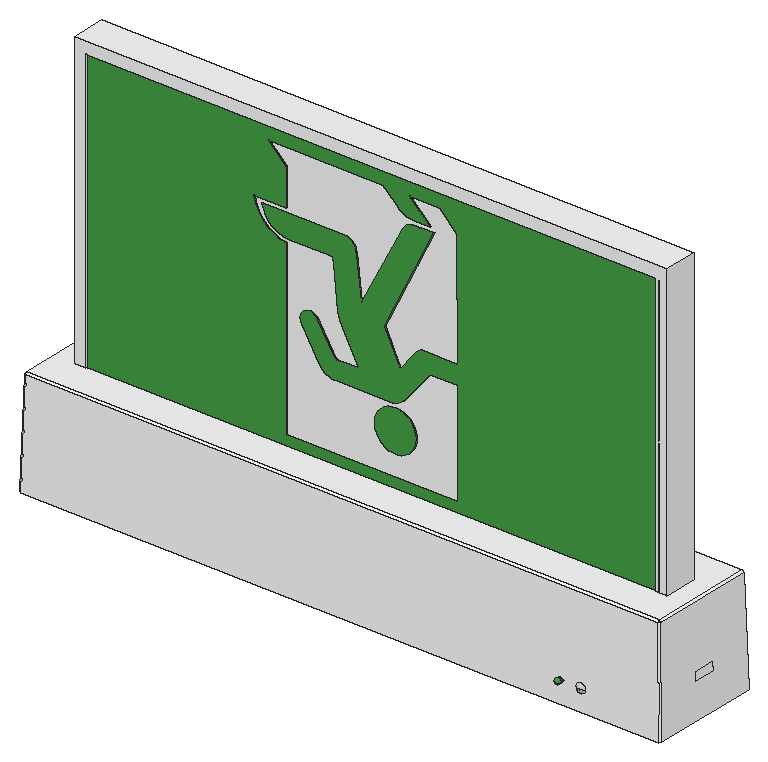
Revit family "GLIDER-SM_AUA03510130001", category Lighting Fixtures, host Face, Revit 2020
Family settings
  Host = Face
  Round Connector Dimension = Use Diameter
  Part Type = Normal
  OmniClass Number = 23.80.70.11.21
  OmniClass Title = Emergency Lighting
  Cut with Voids When Loaded = No
  Light Source = Yes
  Shared = No
  Room Calculation Point = No
Parameters (values of type "Running Man Single")
  Wattage = 9.2903 W
  built-in parameter 1150110 = 1 (stored number, unit not read)
  URL = "https://clevertronics.com.au/"
  built-in parameter 1114217 = 1 (stored number, unit not read)
  Tilt Angle = 180.00°
  built-in parameter 1150109 = 1 (stored number, unit not read)
  built-in parameter 1150134 = 3
  built-in parameter 1150113 = 1 (stored number, unit not read)
  Straight line = yes
  Straight Line (DS) = no
  RM Side (DS) = no
  Product URL = "https://clevertronics.com.au/technical-documentation-search?combine=GLIDER-SM"
  Photometric Web File = "GLIDER-SM_IESA_E_ll24598a_CIE_202305051049.ies"
  built-in parameter 1150142 = "IESNA:LM-63-2002\r\n[TEST] LL24598A\r\n[TESTLAB] LightLab International, Brisbane, Australia. (www.lightlabint.com)\r\n[MANUFAC] Clevertronics Pty. Ltd., 1 Caribbean Drive, Scoresby, VIC 3179.\r\n[LUMCAT] GLIDER-SM\r\n[LUMINAIRE] Clevertronics 24m Surface-mount Emergency LED Exit Sign. Product ID: GLIDER-SM.\r\n[MORE] Moulded body with white finish, extents ~ 340 x 58 x 60 mm deep.\r\n[MORE] Clear ‘blade style’ lens with sing sided “Running Man” pictogram form luminous opening of 315 x 9 x\r\n[MORE] 155 mm deep. One Clevertronics CT10798-D1 PCB wntred ~ 10 mm above top of L/O.\r\n[MORE] One Clevertronics CT10850-L2 PCB 220-240V~ 50Hz electronic inverter.\r\n[MORE] Tested at 3.127 Vdc. For full details refer test report LL2307501T.\r\n[OTHER] Absolute test - lamp lumens value set to -1\r\n[MORE] CIE conventions used for C0 plane alignment.\r\n[MORE] The sample was tested at a distance of 8m.\r\n[MORE] This IES file created by LightLab/LSA Report program version 3.808a.\r\n[DATE] This file created: Thursday, 4 May 2023 4:44:53 PM\r\n[ISSUEDATE] Thursday, 4 May 2023 4:44:53 PM\r\nTILT=NONE\r\n 12 \r\n-1 \r\n 1 \r\n 361 \r\n 17 \r\n 1 \r\n 2 \r\n 0.315 \r\n 0.009 \r\n 0.155 \r\n 1 \r\n 1 \r\n    0.54\r\n   0.000,   0.500,   1.000,   1.500,   2.000,   2.500,   3.000,   3.500\r\n   4.000,   4.500,   5.000,   5.500,   6.000,   6.500,   7.000,   7.500\r\n   8.000,   8.500,   9.000,   9.500,  10.000,  10.500,  11.000,  11.500\r\n  12.000,  12.500,  13.000,  13.500,  14.000,  14.500,  15.000,  15.500\r\n  16.000,  16.500,  17.000,  17.500,  18.000,  18.500,  19.000,  19.500\r\n  20.000,  20.500,  21.000,  21.500,  22.000,  22.500,  23.000,  23.500\r\n  24.000,  24.500,  25.000,  25.500,  26.000,  26.500,  27.000,  27.500\r\n  28.000,  28.500,  29.000,  29.500,  30.000,  30.500,  31.000,  31.500\r\n  32.000,  32.500,  33.000,  33.500,  34.000,  34.500,  35.000,  35.500\r\n  36.000,  36.500,  37.000,  37.500,  38.000,  38.500,  39.000,  39.500\r\n  40.000,  40.500,  41.000,  41.500,  42.000,  42.500,  43.000,  43.500\r\n  44.000,  44.500,  45.000,  45.500,  46.000,  46.500,  47.000,  47.500\r\n  48.000,  48.500,  49.000,  49.500,  50.000,  50.500,  51.000,  51.500\r\n  52.000,  52.500,  53.000,  53.500,  54.000,  54.500,  55.000,  55.500\r\n  56.000,  56.500,  57.000,  57.500,  58.000,  58.500,  59.000,  59.500\r\n  60.000,  60.500,  61.000,  61.500,  62.000,  62.500,  63.000,  63.500\r\n  64.000,  64.500,  65.000,  65.500,  66.000,  66.500,  67.000,  67.500\r\n  68.000,  68.500,  69.000,  69.500,  70.000,  70.500,  71.000,  71.500\r\n  72.000,  72.500,  73.000,  73.500,  74.000,  74.500,  75.000,  75.500\r\n  76.000,  76.500,  77.000,  77.500,  78.000,  78.500,  79.000,  79.500\r\n  80.000,  80.500,  81.000,  81.500,  82.000,  82.500,  83.000,  83.500\r\n  84.000,  84.500,  85.000,  85.500,  86.000,  86.500,  87.000,  87.500\r\n  88.000,  88.500,  89.000,  89.500,  90.000,  90.500,  91.000,  91.500\r\n  92.000,  92.500,  93.000,  93.500,  94.000,  94.500,  95.000,  95.500\r\n  96.000,  96.500,  97.000,  97.500,  98.000,  98.500,  99.000,  99.500\r\n 100.000, 100.500, 101.000, 101.500, 102.000, 102.500, 103.000, 103.500\r\n 104.000, 104.500, 105.000, 105.500, 106.000, 106.500, 107.000, 107.500\r\n 108.000, 108.500, 109.000, 109.500, 110.000, 110.500, 111.000, 111.500\r\n 112.000, 112.500, 113.000, 113.500, 114.000, 114.500, 115.000, 115.500\r\n 116.000, 116.500, 117.000, 117.500, 118.000, 118.500, 119.000, 119.500\r\n 120.000, 120.500, 121.000, 121.500, 122.000, 122.500, 123.000, 123.500\r\n 124.000, 124.500, 125.000, 125.500, 126.000, 126.500, 127.000, 127.500\r\n 128.000, 128.500, 129.000, 129.500, 130.000, 130.500, 131.000, 131.500\r\n 132.000, 132.500, 133.000, 133.500, 134.000, 134.500, 135.000, 135.500\r\n 136.000, 136.500, 137.000, 137.500, 138.000, 138.500, 139.000, 139.500\r\n 140.000, 140.500, 141.000, 141.500, 142.000, 142.500, 143.000, 143.500\r\n 144.000, 144.500, 145.000, 145.500, 146.000, 146.500, 147.000, 147.500\r\n 148.000, 148.500, 149.000, 149.500, 150.000, 150.500, 151.000, 151.500\r\n 152.000, 152.500, 153.000, 153.500, 154.000, 154.500, 155.000, 155.500\r\n 156.000, 156.500, 157.000, 157.500, 158.000, 158.500, 159.000, 159.500\r\n 160.000, 160.500, 161.000, 161.500, 162.000, 162.500, 163.000, 163.500\r\n 164.000, 164.500, 165.000, 165.500, 166.000, 166.500, 167.000, 167.500\r\n 168.000, 168.500, 169.000, 169.500, 170.000, 170.500, 171.000, 171.500\r\n 172.000, 172.500, 173.000, 173.500, 174.000, 174.500, 175.000, 175.500\r\n 176.000, 176.500, 177.000, 177.500, 178.000, 178.500, 179.000, 179.500\r\n 180.000\r\n   0.000,  22.500,  45.000,  67.500,  90.000, 112.500, 135.000, 157.500\r\n 180.000, 202.500, 225.000, 247.500, 270.000, 292.500, 315.000, 337.500\r\n 360.000\r\n   5.761,   5.714,   5.763,   5.777,   5.803,   5.798,   5.825,   5.831\r\n   5.829,   5.853,   5.839,   5.858,   5.839,   5.844,   5.875,   5.878\r\n   5.865,   5.900,   5.870,   5.881,   5.892,   5.884,   5.883,   5.883\r\n   5.887,   5.887,   5.875,   5.845,   5.869,   5.824,   5.798,   5.776\r\n   5.746,   5.733,   5.721,   5.696,   5.644,   5.621,   5.569,   5.551\r\n   5.532,   5.515,   5.494,   5.461,   5.420,   5.434,   5.376,   5.331\r\n   5.307,   5.292,   5.269,   5.246,   5.235,   5.205,   5.201,   5.197\r\n   5.157,   5.137,   5.128,   5.085,   5.061,   5.086,   5.066,   5.014\r\n   4.976,   4.987,   4.951,   4.945,   4.931,   4.917,   4.865,   4.843\r\n   4.826,   4.818,   4.774,   4.744,   4.714,   4.697,   4.654,   4.620\r\n   4.572,   4.538,   4.493,   4.447,   4.409,   4.372,   4.319,   4.276\r\n   4.200,   4.133,   4.096,   4.071,   3.988,   3.926,   3.876,   3.822\r\n   3.760,   3.708,   3.659,   3.594,   3.566,   3.500,   3.442,   3.404\r\n   3.332,   3.283,   3.261,   3.205,   3.161,   3.129,   3.061,   3.027\r\n   2.981,   2.948,   2.908,   2.864,   2.815,   2.788,   2.740,   2.717\r\n   2.678,   2.644,   2.604,   2.572,   2.551,   2.502,   2.479,   2.446\r\n   2.412,   2.387,   2.355,   2.319,   2.302,   2.260,   2.235,   2.221\r\n   2.201,   2.164,   2.149,   2.130,   2.100,   2.088,   2.075,   2.033\r\n   2.025,   2.012,   1.988,   1.969,   1.948,   1.917,   1.901,   1.904\r\n   1.879,   1.851,   1.842,   1.823,   1.814,   1.806,   1.784,   1.781\r\n   1.758,   1.752,   1.741,   1.728,   1.719,   1.706,   1.690,   1.690\r\n   1.677,   1.671,   1.662,   1.654,   1.643,   1.642,   1.633,   1.624\r\n   1.621,   1.614,   1.600,   1.591,   1.585,   1.592,   1.588,   1.587\r\n   1.572,   1.577,   1.579,   1.567,   1.567,   1.564,   1.564,   1.563\r\n   1.565,   1.560,   1.556,   1.549,   1.547,   1.541,   1.541,   1.533\r\n   1.533,   1.531,   1.530,   1.522,   1.523,   1.507,   1.512,   1.508\r\n   1.503,   1.500,   1.489,   1.481,   1.480,   1.479,   1.473,   1.467\r\n   1.457,   1.450,   1.439,   1.440,   1.434,   1.423,   1.416,   1.410\r\n   1.406,   1.398,   1.390,   1.378,   1.374,   1.368,   1.357,   1.353\r\n   1.344,   1.332,   1.322,   1.308,   1.302,   1.289,   1.283,   1.274\r\n   1.268,   1.255,   1.248,   1.233,   1.221,   1.212,   1.201,   1.191\r\n   1.184,   1.164,   1.156,   1.140,   1.132,   1.119,   1.109,   1.096\r\n   1.083,   1.070,   1.058,   1.043,   1.037,   1.019,   1.010,   0.997\r\n   0.981,   0.975,   0.959,   0.947,   0.936,   0.918,   0.910,   0.901\r\n   0.887,   0.880,   0.861,   0.843,   0.833,   0.825,   0.807,   0.794\r\n   0.787,   0.772,   0.760,   0.749,   0.739,   0.722,   0.711,   0.702\r\n   0.687,   0.669,   0.658,   0.645,   0.633,   0.622,   0.608,   0.590\r\n   0.580,   0.566,   0.550,   0.538,   0.527,   0.516,   0.499,   0.483\r\n   0.471,   0.460,   0.448,   0.434,   0.421,   0.410,   0.398,   0.385\r\n   0.378,   0.365,   0.350,   0.340,   0.329,   0.316,   0.307,   0.297\r\n   0.286,   0.277,   0.262,   0.250,   0.238,   0.225,   0.207,   0.187\r\n   0.171,   0.152,   0.138,   0.128,   0.119,   0.107,   0.100,   0.081\r\n   0.070,   0.057,   0.045,   0.033,   0.022,   0.012,   0.010,   0.009\r\n   0.008,   0.008,   0.010,   0.011,   0.009,   0.010,   0.010,   0.009\r\n   0.010,   0.008,   0.010,   0.009,   0.007,   0.009,   0.009,   0.010\r\n   0.009\r\n   5.761,   5.748,   5.755,   5.779,   5.782,   5.834,   5.816,   5.800\r\n   5.840,   5.826,   5.854,   5.843,   5.866,   5.876,   5.862,   5.889\r\n   5.888,   5.870,   5.889,   5.887,   5.902,   5.880,   5.863,   5.887\r\n   5.845,   5.881,   5.874,   5.873,   5.828,   5.864,   5.849,   5.794\r\n   5.781,   5.744,   5.728,   5.730,   5.681,   5.679,   5.613,   5.627\r\n   5.591,   5.562,   5.553,   5.495,   5.480,   5.462,   5.413,   5.390\r\n   5.378,   5.355,   5.313,   5.285,   5.265,   5.244,   5.229,   5.188\r\n   5.184,   5.168,   5.121,   5.117,   5.104,   5.073,   5.039,   5.042\r\n   5.012,   4.990,   4.973,   4.963,   4.963,   4.919,   4.898,   4.870\r\n   4.846,   4.837,   4.823,   4.810,   4.772,   4.739,   4.712,   4.687\r\n   4.663,   4.623,   4.572,   4.551,   4.522,   4.491,   4.419,   4.387\r\n   4.346,   4.292,   4.272,   4.206,   4.142,   4.104,   4.058,   3.971\r\n   3.937,   3.883,   3.818,   3.753,   3.715,   3.661,   3.601,   3.552\r\n   3.500,   3.436,   3.413,   3.363,   3.309,   3.248,   3.207,   3.145\r\n   3.096,   3.057,   3.016,   2.965,   2.918,   2.873,   2.850,   2.805\r\n   2.765,   2.728,   2.696,   2.668,   2.613,   2.594,   2.564,   2.535\r\n   2.489,   2.453,   2.427,   2.388,   2.367,   2.327,   2.304,   2.272\r\n   2.242,   2.209,   2.184,   2.166,   2.123,   2.113,   2.087,   2.067\r\n   2.039,   2.024,   2.002,   1.981,   1.959,   1.949,   1.922,   1.895\r\n   1.887,   1.862,   1.850,   1.833,   1.809,   1.798,   1.790,   1.768\r\n   1.758,   1.738,   1.721,   1.708,   1.705,   1.688,   1.679,   1.664\r\n   1.652,   1.648,   1.631,   1.623,   1.607,   1.604,   1.592,   1.592\r\n   1.578,   1.581,   1.572,   1.556,   1.561,   1.551,   1.550,   1.542\r\n   1.540,   1.534,   1.536,   1.525,   1.533,   1.531,   1.524,   1.525\r\n   1.515,   1.520,   1.515,   1.508,   1.508,   1.504,   1.503,   1.492\r\n   1.493,   1.495,   1.486,   1.476,   1.473,   1.476,   1.465,   1.464\r\n   1.458,   1.455,   1.444,   1.443,   1.435,   1.437,   1.422,   1.424\r\n   1.416,   1.414,   1.401,   1.398,   1.396,   1.389,   1.381,   1.374\r\n   1.365,   1.364,   1.347,   1.346,   1.340,   1.324,   1.316,   1.315\r\n   1.302,   1.292,   1.281,   1.273,   1.260,   1.248,   1.251,   1.239\r\n   1.228,   1.212,   1.202,   1.198,   1.184,   1.178,   1.163,   1.149\r\n   1.142,   1.128,   1.121,   1.108,   1.097,   1.088,   1.073,   1.061\r\n   1.049,   1.033,   1.024,   1.016,   1.005,   0.992,   0.976,   0.965\r\n   0.953,   0.944,   0.932,   0.917,   0.907,   0.894,   0.881,   0.874\r\n   0.859,   0.847,   0.840,   0.823,   0.814,   0.801,   0.787,   0.770\r\n   0.763,   0.748,   0.737,   0.720,   0.708,   0.699,   0.685,   0.669\r\n   0.658,   0.646,   0.632,   0.621,   0.608,   0.594,   0.580,   0.563\r\n   0.555,   0.542,   0.530,   0.514,   0.499,   0.485,   0.475,   0.462\r\n   0.450,   0.437,   0.423,   0.411,   0.399,   0.390,   0.378,   0.366\r\n   0.355,   0.340,   0.330,   0.319,   0.307,   0.297,   0.286,   0.271\r\n   0.255,   0.243,   0.226,   0.207,   0.195,   0.184,   0.170,   0.156\r\n   0.142,   0.128,   0.112,   0.101,   0.090,   0.079,   0.069,   0.059\r\n   0.045,   0.029,   0.022,   0.013,   0.011,   0.011,   0.009,   0.009\r\n   0.010,   0.009,   0.008,   0.010,   0.008,   0.010,   0.009,   0.009\r\n   0.008,   0.011,   0.009,   0.009,   0.010,   0.008,   0.009,   0.009\r\n   0.009\r\n   5.761,   5.735,   5.775,   5.797,   5.784,   5.814,   5.801,   5.847\r\n   5.849,   5.852,   5.823,   5.829,   5.872,   5.848,   5.851,   5.857\r\n   5.850,   5.842,   5.857,   5.862,   5.854,   5.859,   5.831,   5.851\r\n   5.856,   5.827,   5.831,   5.820,   5.829,   5.838,   5.788,   5.797\r\n   5.798,   5.787,   5.797,   5.785,   5.775,   5.757,   5.725,   5.710\r\n   5.683,   5.618,   5.631,   5.593,   5.556,   5.527,   5.513,   5.496\r\n   5.462,   5.456,   5.420,   5.363,   5.337,   5.318,   5.276,   5.238\r\n   5.222,   5.196,   5.139,   5.149,   5.090,   5.064,   5.052,   5.011\r\n   4.988,   4.948,   4.914,   4.906,   4.861,   4.837,   4.834,   4.805\r\n   4.741,   4.721,   4.728,   4.701,   4.636,   4.660,   4.612,   4.592\r\n   4.566,   4.557,   4.519,   4.497,   4.467,   4.433,   4.426,   4.394\r\n   4.375,   4.375,   4.327,   4.286,   4.268,   4.254,   4.178,   4.158\r\n   4.140,   4.080,   4.023,   4.001,   3.952,   3.911,   3.857,   3.806\r\n   3.753,   3.692,   3.647,   3.596,   3.529,   3.472,   3.443,   3.362\r\n   3.299,   3.269,   3.211,   3.168,   3.125,   3.066,   3.012,   2.982\r\n   2.921,   2.873,   2.840,   2.796,   2.751,   2.717,   2.679,   2.645\r\n   2.603,   2.571,   2.532,   2.475,   2.458,   2.412,   2.379,   2.348\r\n   2.312,   2.282,   2.245,   2.206,   2.171,   2.141,   2.114,   2.075\r\n   2.047,   2.029,   1.989,   1.962,   1.941,   1.905,   1.891,   1.859\r\n   1.836,   1.811,   1.793,   1.773,   1.761,   1.722,   1.704,   1.692\r\n   1.669,   1.661,   1.638,   1.615,   1.609,   1.596,   1.585,   1.558\r\n   1.547,   1.538,   1.525,   1.513,   1.501,   1.494,   1.485,   1.472\r\n   1.468,   1.458,   1.452,   1.444,   1.434,   1.426,   1.427,   1.413\r\n   1.415,   1.410,   1.404,   1.401,   1.399,   1.392,   1.392,   1.385\r\n   1.386,   1.379,   1.380,   1.374,   1.368,   1.365,   1.359,   1.358\r\n   1.352,   1.349,   1.345,   1.342,   1.338,   1.338,   1.336,   1.330\r\n   1.321,   1.315,   1.311,   1.310,   1.305,   1.303,   1.293,   1.286\r\n   1.281,   1.272,   1.265,   1.260,   1.247,   1.248,   1.233,   1.221\r\n   1.221,   1.213,   1.200,   1.193,   1.190,   1.179,   1.164,   1.157\r\n   1.146,   1.137,   1.126,   1.120,   1.111,   1.101,   1.097,   1.083\r\n   1.072,   1.065,   1.054,   1.043,   1.030,   1.018,   1.009,   0.996\r\n   0.987,   0.974,   0.962,   0.952,   0.948,   0.931,   0.922,   0.909\r\n   0.901,   0.895,   0.879,   0.868,   0.858,   0.848,   0.837,   0.821\r\n   0.816,   0.803,   0.795,   0.786,   0.770,   0.762,   0.751,   0.737\r\n   0.729,   0.718,   0.707,   0.696,   0.687,   0.673,   0.661,   0.650\r\n   0.644,   0.628,   0.617,   0.607,   0.595,   0.580,   0.572,   0.558\r\n   0.550,   0.540,   0.524,   0.514,   0.502,   0.495,   0.484,   0.474\r\n   0.461,   0.450,   0.436,   0.428,   0.412,   0.401,   0.391,   0.380\r\n   0.365,   0.359,   0.345,   0.335,   0.324,   0.311,   0.300,   0.286\r\n   0.276,   0.260,   0.248,   0.236,   0.224,   0.210,   0.196,   0.182\r\n   0.170,   0.158,   0.143,   0.126,   0.110,   0.100,   0.087,   0.074\r\n   0.060,   0.044,   0.031,   0.026,   0.019,   0.009,   0.009,   0.010\r\n   0.009,   0.009,   0.009,   0.009,   0.008,   0.008,   0.008,   0.009\r\n   0.009,   0.010,   0.009,   0.009,   0.009,   0.009,   0.011,   0.009\r\n   0.007,   0.009,   0.009,   0.010,   0.008,   0.009,   0.009,   0.009\r\n   0.009\r\n   5.761,   5.768,   5.796,   5.797,   5.799,   5.804,   5.815,   5.829\r\n   5.820,   5.793,   5.808,   5.798,   5.805,   5.786,   5.819,   5.790\r\n   5.781,   5.790,   5.786,   5.780,   5.773,   5.759,   5.762,   5.758\r\n   5.784,   5.739,   5.733,   5.738,   5.714,   5.710,   5.704,   5.708\r\n   5.679,   5.685,   5.678,   5.658,   5.657,   5.634,   5.643,   5.613\r\n   5.640,   5.602,   5.564,   5.567,   5.528,   5.542,   5.525,   5.489\r\n   5.483,   5.470,   5.445,   5.436,   5.405,   5.381,   5.367,   5.350\r\n   5.322,   5.303,   5.298,   5.238,   5.217,   5.202,   5.177,   5.152\r\n   5.130,   5.075,   5.040,   5.007,   4.960,   4.914,   4.899,   4.847\r\n   4.793,   4.769,   4.739,   4.694,   4.654,   4.627,   4.567,   4.531\r\n   4.497,   4.465,   4.408,   4.370,   4.319,   4.254,   4.234,   4.207\r\n   4.150,   4.119,   4.047,   4.030,   3.983,   3.957,   3.880,   3.863\r\n   3.812,   3.775,   3.742,   3.681,   3.651,   3.608,   3.573,   3.530\r\n   3.488,   3.455,   3.423,   3.363,   3.337,   3.300,   3.278,   3.230\r\n   3.199,   3.161,   3.130,   3.065,   3.050,   3.001,   2.966,   2.951\r\n   2.894,   2.855,   2.820,   2.779,   2.737,   2.696,   2.658,   2.601\r\n   2.528,   2.501,   2.445,   2.378,   2.340,   2.287,   2.233,   2.194\r\n   2.150,   2.108,   2.067,   2.010,   1.977,   1.949,   1.902,   1.864\r\n   1.816,   1.786,   1.750,   1.711,   1.684,   1.649,   1.610,   1.596\r\n   1.553,   1.519,   1.490,   1.459,   1.429,   1.398,  
